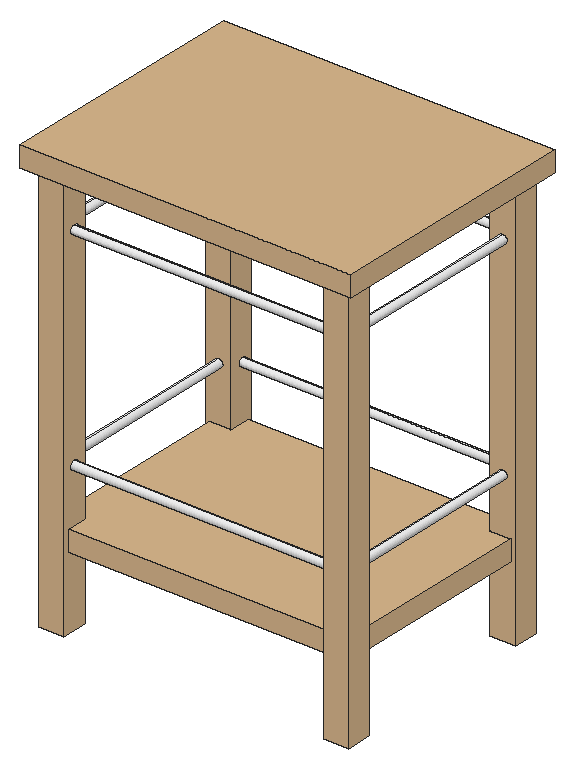
Revit family
Parameters (values of type "650 x 500mm")
  Type Comments = ""
  Model = ""
  Material Ties = Metal - Aluminium
  Material Stool = Wood - Birch
  Manufacturer = "Revit"
  Keynote = "N"
  Description = "Stool"
  Cost = 0
  Assembly Code = "E2020200"
Reference planes
  plane 1 "Centro A/I": y = -163.95
  plane 2: z = 0
  plane 3 "Centro S/D": x = -295.132
  plane 4: x = -620.132
  plane 5: x = 29.868
  plane 6: y = 86.05
  plane 7: y = -413.95
  plane 8: z = 850
  plane 9: z = 810
Forms (mm)
  Extrusion 1, solid, material "Wood - Birch" <- "Material Stool"
    sketch origin (0, 0, 0) x (1, 0, 0) y (0, 1, 0)
      loop
        line (-620.132, 86.05) -> (-620.132, -413.95) -> (29.868, -413.95) -> (29.868, 86.05) -> (-620.132, 86.05)
    from 810 to 850
  Extrusion 2, solid, material "Wood - Birch" <- "Material Stool"
    sketch origin (0, 0, 0) x (1, 0, 0) y (0, 1, 0)
      loop
        line (-600.132, 66.05) -> (-600.132, 16.05) -> (-550.132, 16.05) -> (-550.132, 66.05) -> (-600.132, 66.05)
      loop
        line (-40.132, 66.05) -> (-40.132, 16.05) -> (9.868, 16.05) -> (9.868, 66.05) -> (-40.132, 66.05)
      loop
        line (-600.132, -343.95) -> (-600.132, -393.95) -> (-550.132, -393.95) -> (-550.132, -343.95) -> (-600.132, -343.95)
      loop
        line (-40.132, -343.95) -> (-40.132, -393.95) -> (9.868, -393.95) -> (9.868, -343.95) -> (-40.132, -343.95)
    from 0 to 810
  Extrusion 3, solid, material "Wood - Birch" <- "Material Stool"
    sketch origin (0, 0, 0) x (1, 0, 0) y (0, 1, 0)
      loop
        line (-550.132, 16.05) -> (-590.132, 16.05) -> (-590.132, -343.95) -> (-550.132, -343.95) -> (-550.132, -383.95) -> (-40.132, -383.95) -> (-40.132, -343.95) -> (-0.132, -343.95) -> (-0.132, 16.05) -> (-40.132, 16.05) -> (-40.132, 56.05) -> (-550.132, 56.05) -> (-550.132, 16.05)
    from 145.247 to 185.247
  Extrusion 4, solid, material "Wood - Birch"
    sketch origin (0, 0, 0) x (1, 0, 0) y (0, 1, 0)
      loop
        line (-550.132, 41.05) -> (-550.132, 16.05) -> (-575.132, 16.05) -> (-575.132, -343.95) -> (-550.132, -343.95) -> (-550.132, -363.95) -> (-40.132, -363.95) -> (-40.132, -343.95) -> (-15.132, -343.95) -> (-15.132, 16.05) -> (-40.132, 16.05) -> (-40.132, 41.05) -> (-550.132, 41.05)
      loop
        line (-545.132, 11.05) -> (-545.132, -333.95) -> (-45.132, -333.95) -> (-45.132, 11.05) -> (-545.132, 11.05)
    from 774.651 to 810
  Extrusion 5, solid, material "Metal - Aluminium" <- "Material Ties"
    sketch origin (-550.132, -393.95, 810) x (0, 0, -1) y (0, 1, 0)
      loop
        circle (102.206, 22.947) r 8
      loop
        circle (102.206, 437.053) r 8
      loop
        circle (517.206, 22.947) r 8
      loop
        circle (517.206, 437.053) r 8
    from 0 to 510
  Extrusion 6, solid, material "Metal - Aluminium" <- "Material Ties"
    sketch origin (-40.132, 16.05, 810) x (0, 0, -1) y (1, 0, 0)
      loop
        circle (102.206, -534.554) r 8
      loop
        circle (517.206, -534.554) r 8
      loop
        circle (102.206, 24.554) r 8
      loop
        circle (517.206, 24.554) r 8
    from 0 to 360
Lines and regions (mm)
  Masking region 1
    outline origin (0, 0, 0) x (1, 0, 0) y (0, 1, 0)
      loop
        line (-620.132, 86.05) -> (-620.132, -413.95) -> (29.868, -413.95) -> (29.868, 86.05) -> (-620.132, 86.05)
  symbolic lines
    curve 1: line (-620.132, 86.05, 0) -> (29.868, 86.05, 0)
    curve 2: line (-620.132, -413.95, 0) -> (-620.132, 86.05, 0)
    curve 3: line (29.868, -413.95, 0) -> (-620.132, -413.95, 0)
    curve 4: line (29.868, 86.05, 0) -> (29.868, -413.95, 0)
Dimensions and locks
  equal spacing: plane 7, plane 1 "Centro A/I", plane 6
  equal spacing: plane 4, plane 3 "Centro S/D", plane 5
  plane 8 to plane 2 = 850 mm
  plane 8 to plane 9 = 40 mm
  aligned and locked: plane 9 to Extrusion 1
  aligned and locked: Extrusion 2 to plane 9
  aligned and locked: Extrusion 4 to plane 9
  aligned and locked: Extrusion 5 to Extrusion 2
  aligned and locked: Extrusion 6 to Extrusion 2
  aligned and locked: curve 1 to Extrusion 1  (x2)
  aligned and locked: Extrusion 1 to curve 4
  aligned and locked: curve 4 to Extrusion 1
  aligned: Masking region 1 sketch curve to Extrusion 1  (x3)
  aligned: Extrusion 1 to Masking region 1 sketch curve
Automatic sketch dimensions
  Masking region 1 sketch curve to plane 4 = 0 mm
  Masking region 1 sketch curve to plane 5 = 0 mm
  Masking region 1 sketch curve to plane 7 = 0 mm
  Masking region 1 sketch curve to plane 6 = 0 mm
